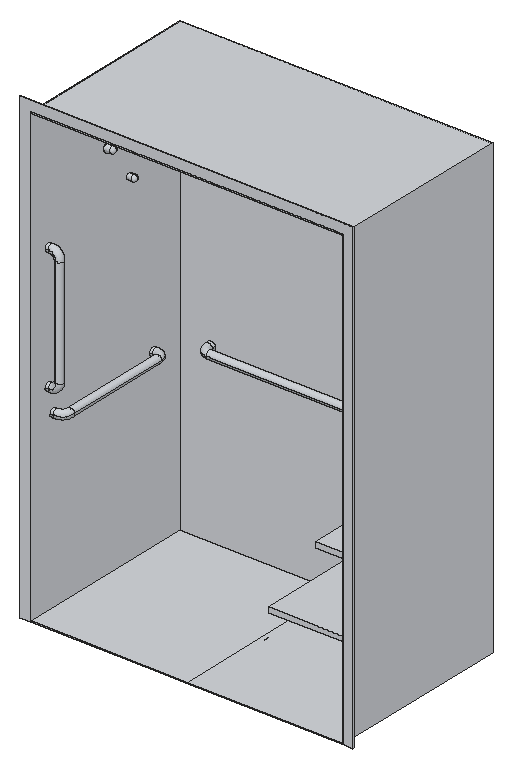
Revit family "Shower_Cabinet-Willoughby-US-3660-HC-L - 2", category Plumbing Fixtures, Revit 2015
Parameters
  URL = "https://www.willoughby-ind.com/wp-content/uploads/2018/01/US-3660-ROLL-IN.pdf"
  Revision = "A"
  Model = "US/KS-3660-HC"
  Manufacturer = "Willoughby Industries"
  Description = "US 36\" X 60\" Handicap Roll-In Cabinet Shower, Left shower heads"
  Contact Info = "(800) 428-4065"
Reference planes (in)
  plane 1 "Center (Front/Back)": y = 0
  plane 2: z = 0
  plane 3 "Center (Left/Right)": x = 0
Forms (in)
  Extrusion 1, solid
    sketch origin (0, 0, 0) x (1, 0, 0) y (0, 0, 1)
      loop
        line (152.875, 0) -> (213, 0) -> (213, 88) -> (152.875, 88) -> (152.875, 0)
    from 0 to 36
  Extrusion 2, void
    sketch origin (0, 0, 0) x (1, 0, 0) y (0, 0, 1)
      loop
        line (182.9375, 0.12) -> (212.9375, 0.12) -> (212.9375, 87.925) -> (152.9375, 87.925) -> (152.9375, 0.12) -> (182.9375, 0.12)
    from 0.07422 to 37
  Sweep 3, solid
    path origin (-9.0625, -18.07422, 34) x (1, 0, 0) y (0, 1, 0)
      loop
        line (198, 18) -> (198, 17.25)
        arc (198, 17.25) -> (197.56066, 16.18934) -> (196.5, 15.75) r 1.5
        line (196.5, 15.75) -> (169.5, 15.75)
        arc (169.5, 15.75) -> (168.43934, 16.18934) -> (168, 17.25) r 1.5
        line (168, 17.25) -> (168, 18)
    profile origin (188.9375, -0.07422, 34) x (1, 0, 0) y (0, 0, 1)
      loop
        circle (0, 0) r 0.75
  Extrusion 4, solid
    sketch origin (0, -35.92578, 0) x (1, 0, 0) y (0, 0, 1)
      loop
        line (152.875, 0) -> (152.875, 88) -> (213, 88) -> (213, 0) -> (215, 0) -> (215, 90) -> (150.875, 90) -> (150.875, 0) -> (152.875, 0)
    from 0 to 0.07422
  Sweep 5, solid
    path origin (13.68492, 18.61488, 34) x (1, 0, 0) y (0, 1, 0)
      loop
        line (139.25258, -25.4391) -> (140.00258, -25.4391)
        arc (140.00258, -25.4391) -> (141.06324, -25.87844) -> (141.50258, -26.9391) r 1.5
        line (141.50258, -26.9391) -> (141.50258, -47.9391)
        arc (141.50258, -47.9391) -> (141.06324, -48.99976) -> (140.00258, -49.4391) r 1.5
        line (140.00258, -49.4391) -> (139.25258, -49.4391)
    profile origin (152.9375, -6.82422, 34) x (0, 1, 0) y (0, 0, 1)
      loop
        circle (0, 0) r 0.75
  Sweep 6, solid
    path origin (0, 0, 0) x (1, 0, 0) y (0, 0, 1)
      loop
        line (152.9375, 39) -> (153.6875, 39)
        arc (153.6875, 39) -> (154.74816, 39.43934) -> (155.1875, 40.5) r 1.5
        line (155.1875, 40.5) -> (155.1875, 61.5)
        arc (155.1875, 61.5) -> (154.74816, 62.56066) -> (153.6875, 63) r 1.5
        line (153.6875, 63) -> (152.9375, 63)
    profile origin (152.9375, 0, 39) x (0, 0, 1) y (0, -1, 0)
      loop
        circle (0, 32) r 0.75
  Revolve 7, solid
    sketch origin (152.9375, -12.575, -17.55162) x (-1, 0, 0) y (0, 0, 1)
      loop
        line (0.0625, 84.30162) -> (0.0625, 84.86162) -> (-1.10022, 84.86162)
        arc (-1.10022, 84.86162) -> (-1.4962, 84.6976) -> (-1.66022, 84.30162) r 0.56
        line (-1.66022, 84.30162) -> (0.0625, 84.30162)
      axis (0.0625, 84.30162) -> (-1.66022, 84.30162)
    angle from 0 to 360
  Revolve 8, solid
    sketch origin (0, -18, 0) x (1, 0, 0) y (0, 0, 1)
      loop
        line (152.875, 74.125) -> (154.8375, 74.125)
        arc (154.8375, 74.125) -> (154.68119, 74.55158) -> (154.2775, 74.76) r 0.62579
        line (154.2775, 74.76) -> (153.1875, 74.875) -> (152.875, 74.875) -> (152.875, 74.125)
      axis (152.875, 74.125) -> (154.8375, 74.125)
    angle from 0 to 360
  Extrusion 9, solid
    sketch origin (0, 0, 0) x (1, 0, 0) y (0, 1, 0)
      loop
        circle (182.9375, -18.07422) r 1
    from 0 to -5
  Extrusion 10, solid
    sketch origin (0, 0, 0) x (1, 0, 0) y (0, 1, 0)
      loop
        line (212.9375, -35.03711) -> (212.9375, -1.03711) -> (190.9375, -1.03711) -> (190.9375, -15.03711) -> (197.9375, -15.03711) -> (197.9375, -35.03711) -> (212.9375, -35.03711)
    from 17 to 18
Cuts and joins
  Extrusion 2 cuts Extrusion 1
Dimensions and locks (in)
  aligned and locked: level to plane 2
  aligned and locked: Revolve 7 sketch curve to Revolve 7 sketch curve
  aligned and locked: cut or joined group of Extrusion 1, Extrusion 2 to Revolve 8 sketch curve
Connectors (in)
  piping at (152.875, -18, 74.125), diameter 0.375
    settings: on Revolve 8, index 1, connector inside diameter 24", connector length 0' - 0", flow factor 0, pipe flow 0 GPM, pressure drop 0.00 psi, fitting loss kfactor 0, connector angle 0.00°, fixture units 0, engagement length 0' - 0", angle of deflection 0.00°, flow configuration 0, flow direction 0, fitting loss method 0, system type 19, joint type 0, gender type 0, connector reference index -1, connector utility 0, adjustable connector no, is connector primary yes, connector description ""
  piping at (182.9375, -18.07422, -5), diameter 2
    settings: on Extrusion 9, index 2, connector inside diameter 24", connector length 0' - 0", flow factor 0, pipe flow 0 GPM, pressure drop 0.00 psi, fitting loss kfactor 0, connector angle 0.00°, fixture units 0, engagement length 0' - 0", angle of deflection 0.00°, flow configuration 0, flow direction 0, fitting loss method 0, system type 16, joint type 0, gender type 0, connector reference index -1, connector utility 0, adjustable connector no, is connector primary no, connector description ""
